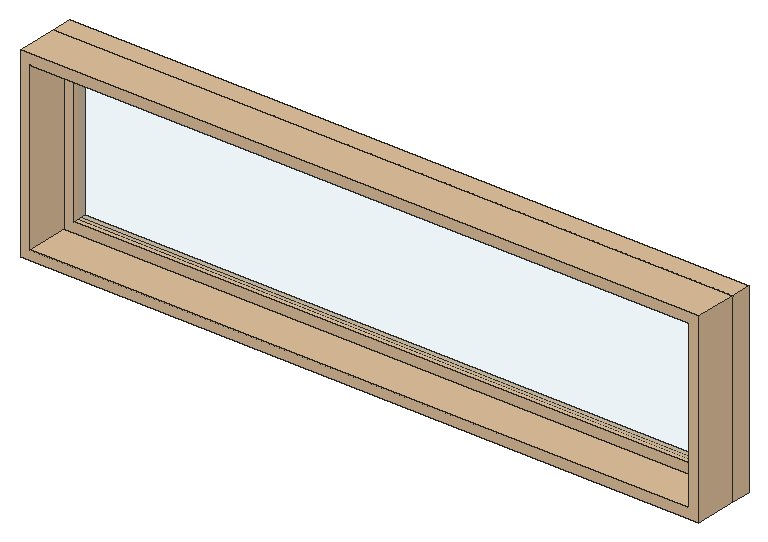
Revit family
Parameters (values of type "2200 x 600mm")
  프레임 외부 재료 = 섀시
  프레임 내부 재료 = 섀시
  유리 창 재료 = 유리
  Height = 600 mm
  섀시 = 섀시
  기본 씰 높이 = 915 mm
  Wall Closure = (empty or 0)
  Width = 2200 mm
  창 인세트 = 19 mm
  Assembly Code = ""
Reference planes
  plane 1: y = 0
  plane 2 "중심": x = 0
  plane 3 "왼쪽": x = -1100
  plane 4 "오른쪽": x = 1100
  plane 5 "씰": z = 915
  plane 6 "헤드": z = 1515
  plane 7: x = -1081
  plane 8: x = 1081
  plane 9: x = -1068
  plane 10: x = 1068
  plane 11: z = 1496
  plane 12: z = 1483
  plane 13: z = 947
  plane 14 "마무리": y = 66
Forms (mm)
  Extrusion 1, solid, material "섀시" <- "프레임 내부 재료"
    sketch origin (0, 0, 0) x (-1, 0, 0) y (0, 0, 1)
      loop
        line (-1100, 1515) -> (-1100, 915) -> (1100, 915) -> (1100, 1515) -> (-1100, 1515)
      loop
        line (-1068, 1483) -> (-1068, 947) -> (1068, 947) -> (1068, 1483) -> (-1068, 1483)
    from -87 to 50
  Extrusion 2, solid, material "섀시" <- "프레임 외부 재료"
    sketch origin (0, 0, 0) x (-1, 0, 0) y (0, 0, 1)
      loop
        line (-1100, 1515) -> (-1100, 915) -> (1100, 915) -> (1100, 1515) -> (-1100, 1515)
      loop
        line (-1081, 1496) -> (-1081, 934) -> (1081, 934) -> (1081, 1496) -> (-1081, 1496)
    from 50 to 113
  Extrusion 3, solid, material "섀시" <- "섀시"
    sketch origin (0, 0, 0) x (-1, 0, 0) y (0, 0, 1)
      loop
        line (-1081, 1496) -> (-1081, 934) -> (1081, 934) -> (1081, 1496) -> (-1081, 1496)
      loop
        line (-1037, 1452) -> (-1037, 978) -> (1037, 978) -> (1037, 1452) -> (-1037, 1452)
    from 50 to 94
  Extrusion 4, solid, material "유리" <- "유리 창 재료"
    sketch origin (0, 0, 0) x (-1, 0, 0) y (0, 0, 1)
      loop
        line (-1037, 1452) -> (-1037, 978) -> (1037, 978) -> (1037, 1452) -> (-1037, 1452)
    from 66 to 78
Lines and regions (mm)
  Opening 1
    outline origin (3500, -87, 0) x (1, 0, 0) y (0, 0, 1)
      loop
        line (-2400, 915) -> (-2400, 1515) -> (-4600, 1515) -> (-4600, 915) -> (-2400, 915)
  symbolic lines, style "WindowsFrameMullionProjection"
    curve 1: line (-1100, 113, 0) -> (-1081, 113, 0)
    curve 2: line (-1100, -87, 0) -> (-1068, -87, 0)
    curve 3: line (-1081, 94, 0) -> (-1037, 94, 0)
    curve 4: line (-1081, 50, 0) -> (-1037, 50, 0)
    curve 5: line (-1081, 113, 0) -> (-1081, 50, 0)
    curve 6: line (-1037, 94, 0) -> (-1037, 50, 0)
    curve 7: line (-1068, 50, 0) -> (-1068, -87, 0)
    curve 8: line (1098.878, 113, 0) -> (1081, 113, 0)
    curve 9: line (1081, 113, 0) -> (1081, 50, 0)
    curve 10: line (1081, 94, 0) -> (1037, 94, 0)
    curve 11: line (1037, 94, 0) -> (1037, 50, 0)
    curve 12: line (1037, 50, 0) -> (1081, 50, 0)
    curve 13: line (1100, -87, 0) -> (1068, -87, 0)
    curve 14: line (1068, 50, 0) -> (1068, -87, 0)
  symbolic lines, style "WindowsGlassProjection"
    curve 15: line (-1037, 72, 0) -> (1037, 72, 0)
Text (mm)
  text "외부" at (-1394.263, 836.427, 0), in view "바닥 선"
  text "내부" at (-1394.263, -535.979, 0), in view "바닥 선"
  text "외부" at (0, 314.263, 3273.967), in view "오른쪽"
  text "외부" at (0, 999.457, 3063.296), in view "왼쪽"
Dimensions and locks
  equal spacing: plane 3 "왼쪽", plane 2 "중심", plane 4 "오른쪽"
  "Width": plane 3 "왼쪽" to plane 4 "오른쪽"
  "Height": plane 5 "씰" to plane 6 "헤드"
  "기본 씰 높이": plane 5 "씰" to level
  "창 인세트": host wall to Extrusion 3
  locked: Extrusion 3 to Extrusion 3 at 44
  locked: Extrusion 3 to Extrusion 4 at 16
  locked: Extrusion 4 to Extrusion 4 at 12
  locked: Extrusion 1 sketch curve to Extrusion 1 sketch curve at 32  (x2)
  locked: plane 3 "왼쪽" to plane 7 at 19
  locked: plane 8 to plane 4 "오른쪽" at 19
  locked: plane 10 to plane 4 "오른쪽" at 32
  locked: plane 3 "왼쪽" to plane 9 at 32
  locked: plane 11 to plane 6 "헤드" at 19
  locked: plane 6 "헤드" to plane 12 at 32
  locked: plane 13 to plane 5 "씰" at 32
  locked: plane 14 "마무리" to host wall at 47
  aligned and locked: host wall to Extrusion 1
  aligned and locked: host wall to Extrusion 2
  aligned and locked: Extrusion 3 sketch curve to Extrusion 2  (x4)
  aligned and locked: Extrusion 3 to Extrusion 1
  aligned and locked: Extrusion 2 to Extrusion 1
  aligned and locked: Extrusion 4 sketch curve to Extrusion 3  (x4)
  aligned and locked: curve 1 to Extrusion 2  (x2)
  aligned and locked: Extrusion 1 to curve 2
  aligned and locked: curve 3 to Extrusion 3
  aligned and locked: curve 4 to Extrusion 2  (x2)
  aligned and locked: curve 5 to Extrusion 2
  aligned and locked: curve 6 to Extrusion 3
  aligned and locked: curve 7 to Extrusion 1
  aligned and locked: Extrusion 2 to curve 9
  aligned and locked: curve 10 to Extrusion 3
  aligned and locked: curve 11 to Extrusion 3
  aligned and locked: Extrusion 3 to curve 12
  aligned and locked: curve 13 to Extrusion 1  (x2)
  aligned and locked: curve 14 to Extrusion 1
  aligned and locked: Extrusion 2 to curve 8
Automatic sketch dimensions
  Extrusion 1 sketch curve to plane 5 "씰" = 32 mm
  plane 6 "헤드" to Extrusion 1 sketch curve = 32 mm
  plane 4 "오른쪽" to Extrusion 2 sketch curve = 19 mm
  Extrusion 2 sketch curve to Extrusion 2 sketch curve = 19 mm
  Extrusion 2 sketch curve to plane 5 "씰" = 19 mm
  plane 6 "헤드" to Extrusion 2 sketch curve = 19 mm
  Extrusion 3 sketch curve to Extrusion 3 sketch curve = 44 mm
  Extrusion 3 sketch curve to plane 3 "왼쪽" = 63 mm
  Extrusion 3 sketch curve to plane 5 "씰" = 63 mm
  plane 6 "헤드" to Extrusion 3 sketch curve = 63 mm
  Extrusion 1 sketch curve to plane 4 "오른쪽" = 0 mm
  Extrusion 1 sketch curve to plane 3 "왼쪽" = 0 mm
  Extrusion 1 sketch curve to plane 5 "씰" = 0 mm
  Extrusion 1 sketch curve to plane 6 "헤드" = 0 mm
  Extrusion 2 sketch curve to plane 4 "오른쪽" = 0 mm
  Extrusion 2 sketch curve to plane 3 "왼쪽" = 0 mm
  Extrusion 2 sketch curve to plane 5 "씰" = 0 mm
  Extrusion 2 sketch curve to plane 6 "헤드" = 0 mm
  plane 4 "오른쪽" to curve 8 = 1.122 mm
  curve 15 to curve 3 = 22 mm
  curve 2 to host wall = 0 mm
  Opening 1 sketch curve to plane 3 "왼쪽" = 0 mm
  Opening 1 sketch curve to plane 4 "오른쪽" = 0 mm
  Opening 1 sketch curve to plane 5 "씰" = 0 mm
  Opening 1 sketch curve to plane 6 "헤드" = 0 mm
